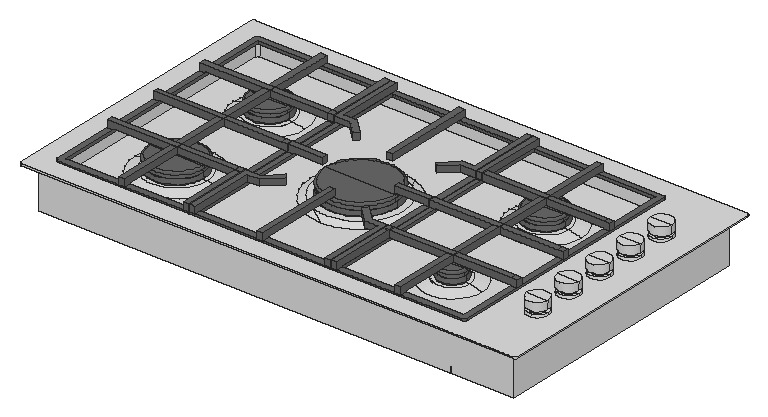
Revit family "Fisher & Paykel The Kitchen Tools CG365DWACX2 Cooktop", category Mechanical Equipment, host Face, Revit 2013
Parameters (values of type "Fisher & Paykel The Kitchen Tools CG365DWACX2 Cooktop")
  Width [instance] = 900.000 mm
  URL = "http://www.fisherpaykel.com/"
  Model = "CG365DWACX2"
  Manufacturer = "Fisher&Paykel"
  Knob [instance] = Polished_Chrome
  Height [instance] = 76.000 mm
  Description = "Fisher & Paykel The Kitchen Tools CG365DWACX2 Cooktop"
  Depth [instance] = 530.000 mm
  Default Elevation = 1219.200 mm
  Cooktop [instance] = Polished_Chrome
  Burner [instance] = Matte Black
Reference planes
  plane 1 "Center (Front/Back)": y = 0
  plane 2: z = 0
  plane 3 "Center (Left/Right)": x = 0
Forms (mm)
  Extrusion 1, void
    sketch origin (0, 0, 0) x (1, 0, 0) y (0, 1, 0)
      loop
        line (-371.302, -279.661) -> (362.291, -279.661)
        arc (362.291, -279.661) -> (365.826, -278.197) -> (367.291, -274.661) r 5
        line (367.291, -274.661) -> (367.291, 171.839)
        arc (367.291, 171.839) -> (366.031, 175.157) -> (362.886, 176.803) r 5
        line (362.886, 176.803) -> (-371.897, 176.803)
        arc (-371.897, 176.803) -> (-375.042, 175.157) -> (-376.302, 171.839) r 5
        line (-376.302, 171.839) -> (-376.302, -274.661)
        arc (-376.302, -274.661) -> (-374.837, -278.197) -> (-371.302, -279.661) r 5
    from -495.424 to 449.253
Dimensions and locks
  aligned and locked: plane 2 to host face
  aligned and locked: level to host face
  aligned and locked: nested 1 to level
  aligned and locked: nested 1 to plane 2
Nested families
  nested 1: "2" at (38.791, -51.411, 0), Knobs <- "Knob", Cooktop <- "Cooktop", Burners <- "Burner", type "2"
    with Width 900.000 mm, Knobs Polished_Chrome, Height 59.000 mm, Depth 530.000 mm, Cooktop Polished_Chrome, Burners Matte Black
Definition of nested family "2"
  Parameters (values of type "2")
    Width [instance] = 900.000 mm
    Knobs [instance] = Polished_Chrome
    Height [instance] = 59.000 mm
    Depth [instance] = 530.000 mm
    Cooktop [instance] = Polished_Chrome
    Burners [instance] = Matte Black
  Reference planes
    plane 1 "Center (Front/Back)": y = 0
    plane 2: z = 0
    plane 3 "Center (Left/Right)": x = 0
    plane 4: y = 265
    plane 5: y = -265
    plane 6: z = 59
    plane 7: x = -450
    plane 8: x = 450
    plane 9: x = -343
    plane 10: x = -242
    plane 11: x = -342.94
    plane 12: x = -242.06
    plane 13: x = -330.09
    plane 14: x = -254.91
    plane 15: x = -330.1
    plane 16: x = -254.9
    plane 17: x = -108.575
    plane 18: x = 23.575
    plane 19: x = -109.565
    plane 20: x = 24.565
    plane 21: x = 169.9
    plane 22: x = 245.1
    plane 23: x = 182
    plane 24: x = 233
    plane 25: x = 181.675
    plane 26: x = 233.325
    plane 27: x = 245.09
    plane 28: x = 169.91
  Forms (mm)
    Extrusion 1, solid, material "Polished_Chrome" <- "Cooktop"
      sketch origin (-448.536, -263.536, 0.8) x (1, 0, 0) y (0, 1, 0)
        loop
          line (893.536, 528.536) -> (3.536, 528.536)
          arc (3.536, 528.536) -> (0, 527.071) -> (-1.464, 523.536) r 5
          line (-1.464, 523.536) -> (-1.464, 3.536)
          arc (-1.464, 3.536) -> (0, 0) -> (3.536, -1.464) r 5
          line (3.536, -1.464) -> (893.536, -1.464)
          arc (893.536, -1.464) -> (897.071, 0) -> (898.536, 3.536) r 5
          line (898.536, 3.536) -> (898.536, 523.536)
          arc (898.536, 523.536) -> (897.071, 527.071) -> (893.536, 528.536) r 5
      from 0 to 2.5
    Extrusion 2, solid
      sketch origin (-448.536, -263.536, 0) x (1, 0, 0) y (0, 1, 0)
        loop
          line (884.536, 520.166) -> (12.536, 520.166)
          arc (12.536, 520.166) -> (9, 518.701) -> (7.536, 515.166) r 5
          line (7.536, 515.166) -> (7.536, 12.166)
          arc (7.536, 12.166) -> (9, 8.63) -> (12.536, 7.166) r 5
          line (12.536, 7.166) -> (884.536, 7.166)
          arc (884.536, 7.166) -> (888.071, 8.63) -> (889.536, 12.166) r 5
          line (889.536, 12.166) -> (889.536, 515.166)
          arc (889.536, 515.166) -> (888.071, 518.701) -> (884.536, 520.166) r 5
      from 0 to 0.8
    Extrusion 3, solid, material "Polished_Chrome" <- "Cooktop"
      sketch origin (952.762, 1252.472, 0.8) x (1, 0, 0) y (0, 0, 1)
        loop
          line (-1382.762, -77.5) -> (-522.762, -77.5) -> (-522.762, -0.8) -> (-1382.762, -0.8) -> (-1382.762, -77.5)
      from 1009.842 to 1497.842
    Revolve 4, solid, material "Polished_Chrome" <- "Knobs"
      sketch origin (-449.997, -139.998, 0.8) x (1, 0, 0) y (0, 0, 1)
        loop
          line (840, 26.15) -> (820.953, 26.15) -> (820.953, 12.07) -> (827.737, 12.07) -> (827.737, 6.07) -> (821.494, 6.07) -> (820.953, 2.5) -> (840, 2.5) -> (840, 26.15)
        axis (840, 2.5) -> (840, 26.15)
      angle from 0 to 360
    Revolve 5, solid, material "Polished_Chrome" <- "Knobs"
      sketch origin (-449.997, -69.998, 0.8) x (1, 0, 0) y (0, 0, 1)
        loop
          line (840, 26.15) -> (820.953, 26.15) -> (820.953, 12.07) -> (827.737, 12.07) -> (827.737, 6.07) -> (821.494, 6.07) -> (820.953, 2.5) -> (840, 2.5) -> (840, 26.15)
        axis (840, 2.5) -> (840, 26.15)
      angle from 0 to 360
    Revolve 6, solid, material "Polished_Chrome" <- "Knobs"
      sketch origin (-449.997, 0.002, 0.8) x (1, 0, 0) y (0, 0, 1)
        loop
          line (840, 26.15) -> (820.953, 26.15) -> (820.953, 12.07) -> (827.737, 12.07) -> (827.737, 6.07) -> (821.494, 6.07) -> (820.953, 2.5) -> (840, 2.5) -> (840, 26.15)
        axis (840, 2.5) -> (840, 26.15)
      angle from 0 to 360
    Revolve 7, solid, material "Polished_Chrome" <- "Knobs"
      sketch origin (-449.997, 70.002, 0.8) x (1, 0, 0) y (0, 0, 1)
        loop
          line (840, 26.15) -> (820.953, 26.15) -> (820.953, 12.07) -> (827.737, 12.07) -> (827.737, 6.07) -> (821.494, 6.07) -> (820.953, 2.5) -> (840, 2.5) -> (840, 26.15)
        axis (840, 2.5) -> (840, 26.15)
      angle from 0 to 360
    Revolve 8, solid, material "Polished_Chrome" <- "Knobs"
      sketch origin (-449.997, 140.002, 0.8) x (1, 0, 0) y (0, 0, 1)
        loop
          line (840, 26.15) -> (820.953, 26.15) -> (820.953, 12.07) -> (827.737, 12.07) -> (827.737, 6.004) -> (821.484, 6.004) -> (820.953, 2.5) -> (840, 2.5) -> (840, 26.15)
        axis (840, 2.5) -> (840, 26.15)
      angle from 0 to 360
    Extrusion 9, solid, material "Matte Black" <- "Burners"
      sketch origin (-250.75, -264.75, 0.8) x (0, 1, 0) y (0, 0, 1)
        loop
          line (47.5, 5) -> (47.5, 6) -> (482, 6) -> (482, 5) -> (493, 5) -> (493, 17.6) -> (36.5, 17.6) -> (36.5, 5) -> (47.5, 5)
      from -46.75 to -36.75
    Extrusion 10, solid, material "Matte Black" <- "Burners"
      sketch origin (-450, -265, 0.8) x (1, 0, 0) y (0, 1, 0)
        loop
          line (268.5, 375) -> (268.5, 482.25) -> (47.5, 482.25) -> (47.5, 47.75) -> (268.5, 47.75) -> (268.5, 375)
        loop
          line (278.5, 493.25) -> (41.5, 493.25)
          arc (41.5, 493.25) -> (37.964, 491.786) -> (36.5, 488.25) r 5
          line (36.5, 488.25) -> (36.5, 41.75)
          arc (36.5, 41.75) -> (37.964, 38.214) -> (41.5, 36.75) r 5
          line (41.5, 36.75) -> (278.5, 36.75) -> (278.5, 493.25)
      from 0 to 5
    Extrusion 11, solid, material "Matte Black" <- "Burners"
      sketch origin (365, -265, 0.8) x (-1, 0, 0) y (0, -1, 0)
        loop
          line (268.5, -375) -> (268.5, -47.75) -> (47.5, -47.75) -> (47.5, -482.25) -> (268.5, -482.25) -> (268.5, -375)
        loop
          line (278.5, -493.25) -> (278.5, -36.75) -> (41.5, -36.75)
          arc (41.5, -36.75) -> (37.964, -38.214) -> (36.5, -41.75) r 5
          line (36.5, -41.75) -> (36.5, -488.25)
          arc (36.5, -488.25) -> (37.964, -491.786) -> (41.5, -493.25) r 5
          line (41.5, -493.25) -> (278.5, -493.25)
      from 0 to 5
    Extrusion 12, solid, material "Matte Black" <- "Burners"
      sketch origin (249.25, -264.75, 0.8) x (0, 1, 0) y (0, 0, 1)
        loop
          line (47.5, 5) -> (47.5, 6) -> (482, 6) -> (482, 5) -> (493, 5) -> (493, 17.6) -> (36.5, 17.6) -> (36.5, 5) -> (47.5, 5)
      from -46.75 to -36.75
    Extrusion 13, solid, material "Matte Black" <- "Burners"
      sketch origin (-450, -265, 0.8) x (1, 0, 0) y (0, 1, 0)
        loop
          line (535.5, 493.25) -> (279.5, 493.25) -> (279.5, 36.75) -> (535.5, 36.75) -> (535.5, 493.25)
        loop
          line (289.5, 482.25) -> (289.5, 47.75) -> (525.5, 47.75) -> (525.5, 482.25) -> (289.5, 482.25)
      from 0 to 5
    Extrusion 14, solid, material "Matte Black" <- "Burners"
      sketch origin (-450, -42.75, 0.8) x (1, 0, 0) y (0, 0, 1)
        loop
          line (47.5, 5) -> (47.5, 6) -> (152.5, 6) -> (268.5, 6) -> (268.5, 5) -> (278.5, 5) -> (278.5, 17.6) -> (268.5, 17.6) -> (36.5, 17.6) -> (36.5, 5) -> (47.5, 5)
      from -47.75 to -37.75
    Extrusion 15, solid, material "Matte Black" <- "Burners"
      sketch origin (-450, -147.75, 0.8) x (1, 0, 0) y (0, 0, 1)
        loop
          line (47.5, 5) -> (47.5, 6) -> (152.5, 6) -> (268.5, 6) -> (268.5, 5) -> (278.5, 5) -> (278.5, 17.6) -> (268.5, 17.6) -> (36.5, 17.6) -> (36.5, 5) -> (47.5, 5)
      from -47.75 to -37.75
    Extrusion 16, solid, material "Matte Black" <- "Burners"
      sketch origin (50, -42.75, 0.8) x (1, 0, 0) y (0, 0, 1)
        loop
          line (47.5, 5) -> (47.5, 6) -> (152.5, 6) -> (267.5, 6) -> (267.5, 5) -> (278.5, 5) -> (278.5, 17.6) -> (268.5, 17.6) -> (36.5, 17.6) -> (36.5, 5) -> (47.5, 5)
      from -47.75 to -37.75
    Extrusion 17, solid, material "Matte Black" <- "Burners"
      sketch origin (50, -147.75, 0.8) x (1, 0, 0) y (0, 0, 1)
        loop
          line (47.5, 5) -> (47.5, 6) -> (152.5, 6) -> (267.5, 6) -> (267.5, 5) -> (278.5, 5) -> (278.5, 17.6) -> (268.5, 17.6) -> (36.5, 17.6) -> (36.5, 5) -> (47.5, 5)
      from -47.75 to -37.75
    Extrusion 18, solid, material "Matte Black" <- "Burners"
      sketch origin (-0.75, -264.75, 0.8) x (0, 1, 0) y (0, 0, 1)
        loop
          line (47.5, 5) -> (47.5, 6) -> (199.75, 6) -> (199.75, 17.6) -> (36.5, 17.6) -> (36.5, 5) -> (47.5, 5)
      from -46.75 to -36.75
    Extrusion 19, solid, material "Matte Black" <- "Burners"
      sketch origin (-84.25, 264.75, 0.8) x (0, -1, 0) y (0, 0, 1)
        loop
          line (47.5, 5) -> (47.5, 6) -> (199.75, 6) -> (199.75, 17.6) -> (36.5, 17.6) -> (36.5, 5) -> (47.5, 5)
      from -46.75 to -36.75
    Extrusion 20, solid, material "Matte Black" <- "Burners"
      sketch origin (-450, -265, 0.8) x (1, 0, 0) y (0, 1, 0)
        loop
          line (289.5, 375) -> (289.5, 493.25) -> (279.5, 493.25) -> (279.5, 365) -> (307.59, 365) -> (331.531, 341.059) -> (338.602, 348.13) -> (311.732, 375) -> (289.5, 375)
      from 6 to 17.6
    Extrusion 21, solid, material "Matte Black" <- "Burners"
      sketch origin (-450, 265, 0.8) x (1, 0, 0) y (0, 1, 0)
        loop
          line (289.5, -375) -> (311.732, -375) -> (338.602, -348.13) -> (331.531, -341.059) -> (307.59, -365) -> (279.5, -365) -> (279.5, -493.25) -> (289.5, -493.25) -> (289.5, -375)
        loop
          line (342.5, -260) -> (279.5, -260) -> (279.5, -270) -> (342.5, -270) -> (342.5, -260)
        loop
          line (535.5, -260) -> (472.5, -260) -> (472.5, -270) -> (535.5, -270) -> (535.5, -260)
      from 5 to 17.6
    Extrusion 22, solid, material "Matte Black" <- "Burners"
      sketch origin (365, 265, 0.8) x (-1, 0, 0) y (0, -1, 0)
        loop
          line (289.5, 375) -> (289.5, 493.25) -> (279.5, 493.25) -> (279.5, 365) -> (307.59, 365) -> (331.531, 341.059) -> (338.602, 348.13) -> (311.732, 375) -> (289.5, 375)
      from 5 to 17.6
    Extrusion 23, solid, material "Matte Black" <- "Burners"
      sketch origin (365, -265, 0.8) x (-1, 0, 0) y (0, -1, 0)
        loop
          line (289.5, -375) -> (311.732, -375) -> (338.602, -348.13) -> (331.531, -341.059) -> (307.59, -365) -> (279.5, -365) -> (279.5, -493.25) -> (289.5, -493.25) -> (289.5, -375)
      from 5 to 17.6
    Extrusion 24, solid, material "Matte Black" <- "Burners"
      sketch origin (-134.75, -264.75, 0.8) x (0, 1, 0) y (0, 0, 1)
        loop
          line (47.5, 5) -> (47.5, 6) -> (164.75, 6) -> (164.75, 17.6) -> (36.5, 17.6) -> (36.5, 5) -> (47.5, 5)
        loop
          line (364.75, 17.6) -> (364.75, 6) -> (482, 6) -> (482, 5) -> (493, 5) -> (493, 17.6) -> (364.75, 17.6)
      from -46.75 to -36.75
    Extrusion 25, solid, material "Matte Black" <- "Burners"
      sketch origin (133.25, -264.75, 0.8) x (0, 1, 0) y (0, 0, 1)
        loop
          line (47.5, 5) -> (47.5, 6) -> (164.75, 6) -> (164.75, 17.6) -> (36.5, 17.6) -> (36.5, 5) -> (47.5, 5)
        loop
          line (364.75, 17.6) -> (364.75, 6) -> (482, 6) -> (482, 5) -> (493, 5) -> (493, 17.6) -> (364.75, 17.6)
      from -46.75 to -36.75
    Extrusion 26, void
      sketch origin (0, 0, 0) x (1, 0, 0) y (0, 1, 0)
        loop
          arc (-408.5, 228.25) -> (-412.036, 226.786) -> (-413.5, 223.25) r 5
          line (-413.5, 223.25) -> (-413.5, -223.25)
          arc (-413.5, -223.25) -> (-412.036, -226.786) -> (-408.5, -228.25) r 5
          line (-408.5, -228.25) -> (323.389, -228.25)
          arc (323.389, -228.25) -> (326.925, -226.786) -> (328.389, -223.25) r 5
          line (328.389, -223.25) -> (328.389, 223.25)
          arc (328.389, 223.25) -> (326.925, 226.786) -> (323.389, 228.25) r 5
          line (323.389, 228.25) -> (-408.5, 228.25)
      from -26.226 to 250
    Extrusion 27, void
      sketch origin (-450, -265, -15.345) x (1, 0, 0) y (0, 1, 0)
        loop
          line (279.5, 482.25) -> (279.5, 365) -> (307.59, 365) -> (331.531, 341.059) -> (338.602, 348.13) -> (311.732, 375) -> (289.5, 375) -> (289.5, 482.25) -> (279.5, 482.25)
      from 21.145 to 22.748
    Extrusion 28, void
      sketch origin (-450, -602.067, -15.345) x (1, 0, 0) y (0, 1, 0)
        loop
          line (279.5, 502.067) -> (279.5, 384.817) -> (289.5, 384.817) -> (289.5, 492.067) -> (311.732, 492.067) -> (338.602, 518.937) -> (331.531, 526.008) -> (307.59, 502.067) -> (289.5, 502.067) -> (279.5, 502.067)
      from 21.145 to 22.145
    Extrusion 29, void
      sketch origin (365, 265, -15.345) x (-1, 0, 0) y (0, -1, 0)
        loop
          line (279.5, 482.25) -> (279.5, 365) -> (307.59, 365) -> (331.531, 341.059) -> (338.602, 348.13) -> (311.732, 375) -> (289.5, 375) -> (289.5, 482.25) -> (279.5, 482.25)
      from 4.502 to 22.145
    Extrusion 30, void
      sketch origin (365, -265, -15.345) x (-1, 0, 0) y (0, -1, 0)
        loop
          line (279.5, -482.25) -> (289.5, -482.25) -> (289.5, -375) -> (311.732, -375) -> (338.602, -348.13) -> (331.531, -341.059) -> (307.59, -365) -> (279.5, -365) -> (279.5, -482.25)
      from 21.145 to 22.145
    Revolve 31, solid, material "Matte Black" <- "Burners"
      sketch origin (-450, -105, -31.677) x (1, 0, 0) y (0, 0, 1)
        loop
          line (118.42, 10.387) -> (157.5, 10.387) -> (157.5, 32.677) -> (110.383, 32.677)
          arc (110.383, 32.677) -> (107.991, 31.686) -> (107, 29.294) r 3.383
          line (107, 29.294) -> (108.931, 28.777) -> (112.282, 28.777) -> (110.367, 20.937) -> (108.983, 20.937) -> (107.06, 12.929) -> (108.052, 11.937) -> (115.096, 11.937) -> (118.42, 10.387)
        axis (157.5, 10.387) -> (157.5, 32.677)
      angle from 0 to 360
    Revolve 32, solid, material "Polished_Chrome" <- "Knobs"
      sketch origin (0, -104.955, -10.945) x (1, 0, 0) y (0, 0, 1)
        loop
          line (-347.538, -10.345) -> (-368.193, -15.281) -> (-291.808, -15.281) -> (-291.808, -10.345) -> (-347.538, -10.345)
        axis (-291.808, -15.281) -> (-291.808, -10.345)
      angle from 0 to 360
    Revolve 33, solid, material "Matte Black" <- "Burners"
      sketch origin (-450, 105, -31.613) x (1, 0, 0) y (0, 0, 1)
        loop
          line (131.347, 10.318) -> (157.5, 10.318) -> (157.5, 32.613) -> (123.283, 32.613)
          arc (123.283, 32.613) -> (120.891, 31.622) -> (119.9, 29.23) r 3.383
          line (119.9, 29.23) -> (121.831, 28.713) -> (125.522, 28.713) -> (123.606, 20.873) -> (121.833, 20.873) -> (119.91, 12.865) -> (120.902, 11.873) -> (128.012, 11.873) -> (131.347, 10.318)
        axis (157.5, 10.318) -> (157.5, 32.613)
      angle from 0 to 360
    Revolve 34, solid, material "Polished_Chrome" <- "Knobs"
      sketch origin (0, 105.136, -10.945) x (1, 0, 0) y (0, 0, 1)
        loop
          line (-292.5, -15.281) -> (-227.219, -15.281) -> (-249, -10.345) -> (-292.5, -10.345) -> (-292.5, -15.281)
        axis (-292.5, -15.281) -> (-292.5, -10.345)
      angle from 0 to 360
    Blend 35, solid, material "Polished_Chrome" <- "Knobs"
      base sketch origin (-450, -265, -26.226) x (1, 0, 0) y (0, 1, 0)
        loop
          arc (434.404, 352.455) -> (368.107, 347.586) -> (322.602, 299.127) r 91.5
          arc (322.602, 299.127) -> (331.688, 213.767) -> (407.5, 173.5) r 91.5
          arc (407.5, 173.5) -> (451.542, 184.797) -> (484.709, 215.898) r 91.5
          arc (484.709, 215.898) -> (493.36, 296.629) -> (434.404, 352.455) r 91.5
      top sketch origin (-450, -265, -26.226) x (1, 0, 0) y (0, 1, 0)
        loop
          arc (446.699, 331.856) -> (368.975, 332.246) -> (330, 265) r 77.5
          arc (330, 265) -> (340.922, 225.332) -> (370.608, 196.844) r 77.5
          arc (370.608, 196.844) -> (427.069, 190.011) -> (472.991, 223.562) r 77.5
          arc (472.991, 223.562) -> (482.812, 283.285) -> (446.699, 331.856) r 77.5
      from 0 to 5
    Extrusion 36, void
      sketch origin (-450, -265, -26.226) x (1, 0, 0) y (0, 1, 0)
        loop
          circle (407.5, 265) r 36.358
        loop
          circle (407.5, 265) r 21.79
      from 5 to 13.277
    Revolve 37, solid, material "Matte Black" <- "Burners"
      sketch origin (-200, 0, -25.395) x (1, 0, 0) y (0, 0, 1)
        loop
          line (101.9, 4.169) -> (157.5, 4.169) -> (157.5, 26.459) -> (94.854, 26.459)
          arc (94.854, 26.459) -> (92.462, 25.468) -> (91.471, 23.076) r 3.383
          line (91.471, 23.076) -> (93.402, 22.559) -> (95.762, 22.559) -> (93.846, 14.719) -> (92.397, 14.719) -> (90.474, 6.711) -> (91.466, 5.719) -> (98.576, 5.719) -> (101.9, 4.169)
        axis (157.5, 26.459) -> (157.5, 4.169)
      angle from 0 to 360
    Revolve 38, solid, material "Polished_Chrome" <- "Knobs"
      sketch origin (499.308, -104.955, -10.945) x (1, 0, 0) y (0, 0, 1)
        loop
          line (-323.414, -10.345) -> (-345.445, -15.281) -> (-291.808, -15.281) -> (-291.808, -10.345) -> (-323.414, -10.345)
        axis (-291.808, -15.281) -> (-291.808, -10.345)
      angle from 0 to 360
    Revolve 39, solid, material "Matte Black" <- "Burners"
      sketch origin (50, 105, -31.677) x (1, 0, 0) y (0, 0, 1)
        loop
          line (131.66, 10.387) -> (157.5, 10.387) -> (157.5, 32.677) -> (123.283, 32.677)
          arc (123.283, 32.677) -> (120.891, 31.686) -> (119.9, 29.294) r 3.383
          line (119.9, 29.294) -> (121.831, 28.777) -> (125.198, 28.777) -> (123.282, 20.937) -> (121.833, 20.937) -> (119.91, 12.929) -> (120.902, 11.937) -> (128.336, 11.937) -> (131.66, 10.387)
        axis (157.5, 10.387) -> (157.5, 32.677)
      angle from 0 to 360
    Revolve 40, solid, material "Matte Black" <- "Burners"
      sketch origin (50, -105, -31.677) x (1, 0, 0) y (0, 0, 1)
        loop
          line (140.901, 10.387) -> (157.5, 10.387) -> (157.5, 32.677) -> (135.383, 32.677)
          arc (135.383, 32.677) -> (132.991, 31.686) -> (132, 29.294) r 3.383
          line (132, 29.294) -> (133.931, 28.777) -> (136.442, 28.777) -> (134.526, 20.937) -> (133.598, 20.937) -> (131.675, 12.929) -> (132.667, 11.937) -> (137.577, 11.937) -> (140.901, 10.387)
        axis (157.5, 10.387) -> (157.5, 32.677)
      angle from 0 to 360
    Revolve 41, solid, material "Polished_Chrome" <- "Knobs"
      sketch origin (499.308, 105.118, -10.945) x (1, 0, 0) y (0, 0, 1)
        loop
          line (-335.019, -10.345) -> (-357.105, -15.281) -> (-291.808, -15.281) -> (-291.808, -10.345) -> (-335.019, -10.345)
        axis (-291.808, -15.281) -> (-291.808, -10.345)
      angle from 0 to 360
    Extrusion 42, solid, material "Polished_Chrome" <- "Cooktop"
      sketch origin (-952.762, 1252.472, 0.8) x (-1, 0, 0) y (0, 0, -1)
        loop
          line (-1382.762, 77.5) -> (-1382.762, 0.8) -> (-522.762, 0.8) -> (-522.762, 77.5) -> (-1382.762, 77.5)
      from 1009.842 to 1497.842
    Extrusion 43, solid, material "Matte Black" <- "Burners"
      sketch origin (-450, 147.75, 0.8) x (1, 0, 0) y (0, 0, -1)
        loop
          line (47.5, -5) -> (36.5, -5) -> (36.5, -17.6) -> (268.5, -17.6) -> (278.5, -17.6) -> (278.5, -5) -> (268.5, -5) -> (268.5, -6) -> (152.5, -6) -> (47.5, -6) -> (47.5, -5)
      from -47.75 to -37.75
    Extrusion 44, solid, material "Matte Black" <- "Burners"
      sketch origin (50, 147.75, 0.8) x (1, 0, 0) y (0, 0, -1)
        loop
          line (47.5, -5) -> (36.5, -5) -> (36.5, -17.6) -> (268.5, -17.6) -> (278.5, -17.6) -> (278.5, -5) -> (267.5, -5) -> (267.5, -6) -> (152.5, -6) -> (47.5, -6) -> (47.5, -5)
      from -47.75 to -37.75
    Extrusion 45, void
      sketch origin (-428.5, -437.942, -15.345) x (1, 0, 0) y (0, 1, 0)
        loop
          line (268, 442.942) -> (268, 432.942) -> (322.703, 432.942) -> (322.703, 442.942) -> (268, 442.942)
      from 13.936 to 22.145
    Extrusion 46, void
      sketch origin (-215.605, -437.942, -15.345) x (1, 0, 0) y (0, 1, 0)
        loop
          line (238.105, 442.942) -> (238.105, 432.942) -> (291.105, 432.942) -> (291.105, 442.942) -> (238.105, 442.942)
      from 13.936 to 22.145
    Extrusion 47, void
      sketch origin (0, 0, 0) x (1, 0, 0) y (0, 1, 0)
        loop
          line (370, -244.989) -> (370, -140.37) -> (316, -140.37) -> (316, -244.989) -> (370, -244.989)
        loop
          line (324.25, -156.37) -> (324.25, -216.87) -> (339, -216.87) -> (339, -236.87) -> (347, -236.87) -> (347, -216.87) -> (361.75, -216.87) -> (361.75, -156.37) -> (324.25, -156.37)
      from -92.477 to -64.781
    Extrusion 48, void
      sketch origin (0, 0, 0) x (1, 0, 0) y (0, 1, 0)
        loop
          circle (405.5, -221.87) r 9.5
      from -130.274 to -54.923
  Cuts and joins
    Extrusion 26, Extrusion 47, Extrusion 48 cuts Extrusion 3
    Extrusion 27, Extrusion 45, Extrusion 46 cuts Extrusion 13
    Extrusion 27 cuts Extrusion 20
    Extrusion 29 cuts Extrusion 22
    Extrusion 28, Extrusion 45, Extrusion 46 cuts Extrusion 21
    Extrusion 30 cuts Extrusion 23
    Extrusion 26, Extrusion 48 cuts Extrusion 1
    Extrusion 26, Extrusion 48 cuts Extrusion 2
    Extrusion 36 cuts Blend 35
    Extrusion 36 cuts Revolve 37
    Extrusion 26, Extrusion 47, Extrusion 48 cuts Extrusion 42
  Lines and regions (mm)
    model lines
      curve 1: line (-450, -260, 0.8) -> (-450, -265, 0.8)
      curve 2: line (-445, -265, 0.8) -> (-450, -265, 0.8)
  Dimensions and locks
    "Height": plane 6 to level
    plane 7 to plane 3 "Center (Left/Right)" = 450.000 mm
    plane 3 "Center (Left/Right)" to plane 8 = 450.000 mm
    plane 5 to plane 4 = 530.000 mm
    plane 9 to plane 10 = 101.000 mm
    plane 12 to plane 11 = 100.880 mm
    plane 13 to plane 14 = 75.180 mm
    plane 16 to plane 15 = 75.200 mm
    plane 18 to plane 17 = 132.150 mm
    plane 20 to plane 19 = 134.130 mm
    plane 21 to plane 22 = 75.200 mm
    plane 23 to plane 24 = 51.000 mm
    plane 25 to plane 26 = 51.650 mm
    plane 28 to plane 27 = 75.180 mm
    aligned and locked: plane 2 to level
  Automatic sketch dimensions
    Extrusion 1 sketch curve to plane 7 = 0.000 mm
    plane 5 to Extrusion 1 sketch curve = 0.000 mm
    plane 4 to Extrusion 1 sketch curve = 0.000 mm
    Extrusion 1 sketch curve to plane 8 = 0.000 mm
    Extrusion 1 sketch curve to plane 5 = 5.000 mm
    plane 7 to Extrusion 1 sketch curve = 5.000 mm
    Extrusion 1 sketch curve to plane 8 = 5.000 mm  (x2)
    plane 7 to Extrusion 2 sketch curve = 9.000 mm
    Extrusion 2 sketch curve to plane 5 = 8.630 mm
    Extrusion 2 sketch curve to Extrusion 2 sketch curve = 5.000 mm  (x3)
    Extrusion 2 sketch curve to plane 8 = 14.000 mm  (x2)
    plane 4 to Extrusion 2 sketch curve = 8.370 mm
    Extrusion 3 sketch curve to level = 0.000 mm
    plane 7 to Extrusion 3 sketch curve = 20.000 mm
    Extrusion 3 sketch curve to plane 8 = 20.000 mm
    Extrusion 3 sketch curve to level = 76.700 mm
    level to Revolve 4 sketch curve = 26.950 mm
    Revolve 4 sketch curve to plane 8 = 79.044 mm
    level to Revolve 4 sketch curve = 3.300 mm
    Revolve 4 sketch curve to Revolve 4 sketch curve = 0.000 mm  (x3)
    Revolve 4 sketch curve to Revolve 4 sketch curve = 0.541 mm
    Revolve 4 sketch curve to Revolve 4 sketch curve = 6.784 mm
    Revolve 4 sketch curve to Revolve 4 sketch curve = 12.263 mm
    Revolve 4 sketch curve to Revolve 4 sketch curve = 3.570 mm
    Revolve 4 sketch curve to Revolve 4 sketch curve = 6.000 mm
    Revolve 4 sketch curve to Revolve 4 sketch curve = 7.087 mm
    level to Revolve 5 sketch curve = 26.950 mm
    Revolve 5 sketch curve to plane 8 = 79.044 mm
    level to Revolve 5 sketch curve = 3.300 mm
    Revolve 5 sketch curve to Revolve 5 sketch curve = 0.000 mm  (x3)
    Revolve 5 sketch curve to Revolve 5 sketch curve = 0.541 mm
    Revolve 5 sketch curve to Revolve 5 sketch curve = 6.784 mm
    Revolve 5 sketch curve to Revolve 5 sketch curve = 12.263 mm
    Revolve 5 sketch curve to Revolve 5 sketch curve = 3.570 mm
    Revolve 5 sketch curve to Revolve 5 sketch curve = 6.000 mm
    Revolve 5 sketch curve to Revolve 5 sketch curve = 7.087 mm
    level to Revolve 6 sketch curve = 26.950 mm
    Revolve 6 sketch curve to plane 8 = 79.044 mm
    level to Revolve 6 sketch curve = 3.300 mm
    Revolve 6 sketch curve to Revolve 6 sketch curve = 0.000 mm  (x3)
    Revolve 6 sketch curve to Revolve 6 sketch curve = 0.541 mm
    Revolve 6 sketch curve to Revolve 6 sketch curve = 6.784 mm
    Revolve 6 sketch curve to Revolve 6 sketch curve = 12.263 mm
    Revolve 6 sketch curve to Revolve 6 sketch curve = 3.570 mm
    Revolve 6 sketch curve to Revolve 6 sketch curve = 6.000 mm
    Revolve 6 sketch curve to Revolve 6 sketch curve = 7.087 mm
    level to Revolve 7 sketch curve = 26.950 mm
    Revolve 7 sketch curve to plane 8 = 79.044 mm
    level to Revolve 7 sketch curve = 3.300 mm
    Revolve 7 sketch curve to Revolve 7 sketch curve = 0.000 mm  (x3)
    Revolve 7 sketch curve to Revolve 7 sketch curve = 0.541 mm
    Revolve 7 sketch curve to Revolve 7 sketch curve = 6.784 mm
    Revolve 7 sketch curve to Revolve 7 sketch curve = 12.263 mm
    Revolve 7 sketch curve to Revolve 7 sketch curve = 3.570 mm
    Revolve 7 sketch curve to Revolve 7 sketch curve = 6.000 mm
    Revolve 7 sketch curve to Revolve 7 sketch curve = 7.087 mm
    level to Revolve 8 sketch curve = 26.950 mm
    Revolve 8 sketch curve to plane 8 = 79.044 mm
    level to Revolve 8 sketch curve = 3.300 mm
    Revolve 8 sketch curve to Revolve 8 sketch curve = 0.000 mm  (x3)
    Revolve 8 sketch curve to Revolve 8 sketch curve = 0.531 mm
    Revolve 8 sketch curve to Revolve 8 sketch curve = 6.784 mm
    Revolve 8 sketch curve to Revolve 8 sketch curve = 12.263 mm
    Revolve 8 sketch curve to Revolve 8 sketch curve = 3.504 mm
    Revolve 8 sketch curve to Revolve 8 sketch curve = 6.066 mm
    Revolve 8 sketch curve to Revolve 8 sketch curve = 7.087 mm
    level to Extrusion 9 sketch curve = 5.800 mm  (x2)
    Extrusion 9 sketch curve to plane 5 = 36.750 mm
    Extrusion 9 sketch curve to Extrusion 9 sketch curve = 11.000 mm  (x2)
    level to Extrusion 9 sketch curve = 6.800 mm
    plane 4 to Extrusion 9 sketch curve = 47.750 mm
    Extrusion 9 sketch curve to Extrusion 9 sketch curve = 12.600 mm
    plane 7 to Extrusion 10 sketch curve = 36.500 mm
    Extrusion 10 sketch curve to plane 5 = 36.750 mm
    Extrusion 10 sketch curve to Extrusion 10 sketch curve = 5.000 mm  (x2)
    Extrusion 10 sketch curve to Extrusion 10 sketch curve = 6.000 mm  (x2)
    Extrusion 10 sketch curve to plane 3 "Center (Left/Right)" = 181.500 mm
    Extrusion 10 sketch curve to Extrusion 10 sketch curve = 10.000 mm
    Extrusion 10 sketch curve to Extrusion 10 sketch curve = 11.000 mm
    Extrusion 10 sketch curve to plane 1 "Center (Front/Back)" = 110.000 mm
    plane 4 to Extrusion 10 sketch curve = 47.750 mm
    plane 5 to Extrusion 11 sketch curve = 41.750 mm
    plane 8 to Extrusion 11 sketch curve = 121.500 mm
    plane 5 to Extrusion 11 sketch curve = 36.750 mm
    Extrusion 11 sketch curve to Extrusion 11 sketch curve = 5.000 mm
    Extrusion 11 sketch curve to Extrusion 11 sketch curve = 6.000 mm  (x2)
    Extrusion 11 sketch curve to plane 3 "Center (Left/Right)" = 96.500 mm
    Extrusion 11 sketch curve to Extrusion 11 sketch curve = 10.000 mm
    Extrusion 11 sketch curve to Extrusion 11 sketch curve = 11.000 mm
    plane 1 "Center (Front/Back)" to Extrusion 11 sketch curve = 110.000 mm
    Extrusion 11 sketch curve to plane 4 = 47.750 mm
    level to Extrusion 12 sketch curve = 5.800 mm  (x2)
    Extrusion 12 sketch curve to plane 5 = 36.750 mm
    Extrusion 12 sketch curve to Extrusion 12 sketch curve = 11.000 mm  (x2)
    level to Extrusion 12 sketch curve = 6.800 mm
    plane 4 to Extrusion 12 sketch curve = 47.750 mm
    Extrusion 12 sketch curve to Extrusion 12 sketch curve = 12.600 mm
    plane 4 to Extrusion 13 sketch curve = 36.750 mm
    Extrusion 13 sketch curve to plane 3 "Center (Left/Right)" = 170.500 mm
    Extrusion 13 sketch curve to plane 5 = 36.750 mm
    Extrusion 13 sketch curve to Extrusion 13 sketch curve = 10.000 mm  (x2)
    plane 3 "Center (Left/Right)" to Extrusion 13 sketch curve = 75.500 mm
    Extrusion 13 sketch curve to Extrusion 13 sketch curve = 11.000 mm  (x2)
    level to Extrusion 14 sketch curve = 5.800 mm  (x2)
    plane 7 to Extrusion 14 sketch curve = 36.500 mm
    Extrusion 14 sketch curve to Extrusion 14 sketch curve = 11.000 mm
    level to Extrusion 14 sketch curve = 18.400 mm
    Extrusion 14 sketch curve to plane 3 "Center (Left/Right)" = 181.500 mm
    Extrusion 14 sketch curve to Extrusion 14 sketch curve = 0.000 mm  (x4)
    Extrusion 14 sketch curve to Extrusion 14 sketch curve = 10.000 mm
    level to Extrusion 14 sketch curve = 6.800 mm
    Extrusion 14 sketch curve to Extrusion 14 sketch curve = 105.000 mm
    Extrusion 14 sketch curve to Extrusion 14 sketch curve = 1.000 mm
    level to Extrusion 15 sketch curve = 5.800 mm  (x2)
    plane 7 to Extrusion 15 sketch curve = 36.500 mm
    Extrusion 15 sketch curve to Extrusion 15 sketch curve = 11.000 mm
    level to Extrusion 15 sketch curve = 18.400 mm
    Extrusion 15 sketch curve to plane 3 "Center (Left/Right)" = 181.500 mm
    Extrusion 15 sketch curve to Extrusion 15 sketch curve = 0.000 mm  (x4)
    Extrusion 15 sketch curve to Extrusion 15 sketch curve = 10.000 mm
    level to Extrusion 15 sketch curve = 6.800 mm
    Extrusion 15 sketch curve to Extrusion 15 sketch curve = 105.000 mm
    Extrusion 15 sketch curve to Extrusion 15 sketch curve = 1.000 mm
    level to Extrusion 16 sketch curve = 5.800 mm  (x2)
    plane 3 "Center (Left/Right)" to Extrusion 16 sketch curve = 86.500 mm
    Extrusion 16 sketch curve to Extrusion 16 sketch curve = 11.000 mm
    level to Extrusion 16 sketch curve = 6.800 mm
    Extrusion 16 sketch curve to plane 8 = 132.500 mm
    Extrusion 16 sketch curve to Extrusion 16 sketch curve = 1.000 mm  (x2)
    Extrusion 16 sketch curve to Extrusion 16 sketch curve = 10.000 mm
    Extrusion 16 sketch curve to Extrusion 16 sketch curve = 105.000 mm
    Extrusion 16 sketch curve to Extrusion 16 sketch curve = 0.000 mm  (x3)
    Extrusion 16 sketch curve to Extrusion 16 sketch curve = 12.600 mm
    level to Extrusion 17 sketch curve = 5.800 mm  (x2)
    plane 3 "Center (Left/Right)" to Extrusion 17 sketch curve = 86.500 mm
    Extrusion 17 sketch curve to Extrusion 17 sketch curve = 11.000 mm
    level to Extrusion 17 sketch curve = 6.800 mm
    Extrusion 17 sketch curve to plane 8 = 132.500 mm
    Extrusion 17 sketch curve to Extrusion 17 sketch curve = 1.000 mm  (x2)
    Extrusion 17 sketch curve to Extrusion 17 sketch curve = 10.000 mm
    Extrusion 17 sketch curve to Extrusion 17 sketch curve = 105.000 mm
    Extrusion 17 sketch curve to Extrusion 17 sketch curve = 0.000 mm  (x3)
    Extrusion 17 sketch curve to Extrusion 17 sketch curve = 12.600 mm
    level to Extrusion 18 sketch curve = 5.800 mm
    Extrusion 18 sketch curve to plane 5 = 36.750 mm
    level to Extrusion 18 sketch curve = 6.800 mm
    Extrusion 18 sketch curve to Extrusion 18 sketch curve = 11.000 mm
    plane 1 "Center (Front/Back)" to Extrusion 18 sketch curve = 65.000 mm
    Extrusion 18 sketch curve to Extrusion 18 sketch curve = 12.600 mm
    level to Extrusion 19 sketch curve = 5.800 mm
    plane 4 to Extrusion 19 sketch curve = 36.750 mm
    level to Extrusion 19 sketch curve = 6.800 mm
    Extrusion 19 sketch curve to Extrusion 19 sketch curve = 11.000 mm
    Extrusion 19 sketch curve to plane 1 "Center (Front/Back)" = 65.000 mm
    Extrusion 19 sketch curve to Extrusion 19 sketch curve = 12.600 mm
    Extrusion 20 sketch curve to plane 3 "Center (Left/Right)" = 170.500 mm
    Extrusion 20 sketch curve to plane 1 "Center (Front/Back)" = 76.059 mm
    Extrusion 20 sketch curve to Extrusion 20 sketch curve = 10.000 mm
    Extrusion 20 sketch curve to Extrusion 20 sketch curve = 18.090 mm
    Extrusion 20 sketch curve to Extrusion 20 sketch curve = 4.142 mm
    Extrusion 20 sketch curve to Extrusion 20 sketch curve = 23.941 mm
    Extrusion 20 sketch curve to plane 1 "Center (Front/Back)" = 83.130 mm
    Extrusion 20 sketch curve to Extrusion 20 sketch curve = 7.071 mm
    plane 4 to Extrusion 20 sketch curve = 36.750 mm
    plane 1 "Center (Front/Back)" to Extrusion 21 sketch curve = 5.000 mm  (x2)
    plane 3 "Center (Left/Right)" to Extrusion 21 sketch curve = 170.500 mm  (x2)
    plane 5 to Extrusion 21 sketch curve = 36.750 mm
    Extrusion 21 sketch curve to Extrusion 21 sketch curve = 10.000 mm
    Extrusion 21 sketch curve to Extrusion 21 sketch curve = 18.090 mm
    Extrusion 21 sketch curve to Extrusion 21 sketch curve = 4.142 mm
    Extrusion 21 sketch curve to Extrusion 21 sketch curve = 23.941 mm
    Extrusion 21 sketch curve to Extrusion 21 sketch curve = 7.071 mm  (x2)
    Extrusion 21 sketch curve to Extrusion 21 sketch curve = 63.000 mm  (x2)
    Extrusion 21 sketch curve to plane 3 "Center (Left/Right)" = 22.500 mm
    Extrusion 21 sketch curve to plane 1 "Center (Front/Back)" = 5.000 mm  (x2)
    Extrusion 21 sketch curve to Extrusion 21 sketch curve = 71.059 mm
    plane 3 "Center (Left/Right)" to Extrusion 22 sketch curve = 85.500 mm
    plane 1 "Center (Front/Back)" to Extrusion 22 sketch curve = 76.059 mm
    Extrusion 22 sketch curve to Extrusion 22 sketch curve = 10.000 mm
    Extrusion 22 sketch curve to Extrusion 22 sketch curve = 18.090 mm
    Extrusion 22 sketch curve to Extrusion 22 sketch curve = 4.142 mm
    plane 3 "Center (Left/Right)" to Extrusion 22 sketch curve = 33.469 mm
    Extrusion 22 sketch curve to Extrusion 22 sketch curve = 7.071 mm  (x2)
    Extrusion 22 sketch curve to plane 5 = 36.750 mm
    Extrusion 23 sketch curve to plane 3 "Center (Left/Right)" = 85.500 mm
    plane 1 "Center (Front/Back)" to Extrusion 23 sketch curve = 76.059 mm
    Extrusion 23 sketch curve to Extrusion 23 sketch curve = 10.000 mm
    Extrusion 23 sketch curve to Extrusion 23 sketch curve = 18.090 mm
    Extrusion 23 sketch curve to Extrusion 23 sketch curve = 4.142 mm
    Extrusion 23 sketch curve to plane 3 "Center (Left/Right)" = 33.469 mm
    Extrusion 23 sketch curve to Extrusion 23 sketch curve = 7.071 mm  (x2)
    Extrusion 23 sketch curve to plane 4 = 36.750 mm
    level to Extrusion 24 sketch curve = 5.800 mm  (x2)
    Extrusion 24 sketch curve to plane 5 = 36.750 mm
    Extrusion 24 sketch curve to Extrusion 24 sketch curve = 11.000 mm  (x2)
    level to Extrusion 24 sketch curve = 18.400 mm
    plane 1 "Center (Front/Back)" to Extrusion 24 sketch curve = 100.000 mm
    level to Extrusion 24 sketch curve = 6.800 mm
    Extrusion 24 sketch curve to plane 1 "Center (Front/Back)" = 100.000 mm
    plane 4 to Extrusion 24 sketch curve = 47.750 mm
    Extrusion 24 sketch curve to Extrusion 24 sketch curve = 1.000 mm
    Extrusion 24 sketch curve to Extrusion 24 sketch curve = 11.600 mm
    level to Extrusion 25 sketch curve = 5.800 mm  (x2)
    Extrusion 25 sketch curve to plane 5 = 36.750 mm
    Extrusion 25 sketch curve to Extrusion 25 sketch curve = 11.000 mm  (x2)
    level to Extrusion 25 sketch curve = 18.400 mm
    plane 1 "Center (Front/Back)" to Extrusion 25 sketch curve = 100.000 mm
    level to Extrusion 25 sketch curve = 6.800 mm
    Extrusion 25 sketch curve to plane 1 "Center (Front/Back)" = 100.000 mm
    plane 4 to Extrusion 25 sketch curve = 47.750 mm
    Extrusion 25 sketch curve to Extrusion 25 sketch curve = 1.000 mm
    Extrusion 25 sketch curve to Extrusion 25 sketch curve = 11.600 mm
    plane 5 to curve 1 = 0.000 mm
    curve 1 to plane 7 = 0.000 mm
    curve 1 to curve 2 = 5.000 mm
    curve 1 to curve 1 = 5.000 mm
    plane 7 to Extrusion 26 sketch curve = 36.500 mm
    Extrusion 26 sketch curve to plane 5 = 36.750 mm
    Extrusion 26 sketch curve to Extrusion 26 sketch curve = 5.000 mm  (x3)
    Extrusion 26 sketch curve to plane 8 = 126.611 mm  (x2)
    plane 4 to Extrusion 26 sketch curve = 36.750 mm
    Revolve 31 sketch curve to level = 18.748 mm
    plane 7 to Revolve 31 sketch curve = 107.060 mm
    Revolve 31 sketch curve to level = 21.291 mm
    Revolve 31 sketch curve to Revolve 31 sketch curve = 0.992 mm  (x2)
    Revolve 31 sketch curve to level = 2.383 mm
    Revolve 31 sketch curve to Revolve 31 sketch curve = 0.060 mm
    Revolve 31 sketch curve to Revolve 31 sketch curve = 1.923 mm
    Revolve 31 sketch curve to Revolve 31 sketch curve = 1.931 mm
    Revolve 31 sketch curve to level = 10.741 mm
    Revolve 31 sketch curve to Revolve 31 sketch curve = 1.384 mm
    level to Revolve 31 sketch curve = 0.999 mm
    Revolve 31 sketch curve to Revolve 31 sketch curve = 1.900 mm
    Revolve 31 sketch curve to Revolve 31 sketch curve = 7.044 mm
    Revolve 31 sketch curve to Revolve 31 sketch curve = 3.324 mm
    Revolve 31 sketch curve to Revolve 31 sketch curve = 39.080 mm
    Revolve 31 sketch curve to Revolve 31 sketch curve = 0.000 mm  (x2)
    Revolve 31 sketch curve to Revolve 31 sketch curve = 0.517 mm
    Revolve 31 sketch curve to Revolve 31 sketch curve = 12.458 mm
    Revolve 32 sketch curve to level = 26.226 mm
    plane 7 to Revolve 32 sketch curve = 81.807 mm
    Revolve 32 sketch curve to level = 21.291 mm
    Revolve 32 sketch curve to Revolve 32 sketch curve = 20.654 mm
    Revolve 32 sketch curve to Revolve 32 sketch curve = 55.731 mm
    level to Revolve 32 sketch curve = 1.813 mm
    Revolve 32 sketch curve to Revolve 32 sketch curve = 0.000 mm  (x2)
    Revolve 33 sketch curve to level = 18.748 mm
    plane 7 to Revolve 33 sketch curve = 119.910 mm
    Revolve 33 sketch curve to level = 21.295 mm
    Revolve 33 sketch curve to level = 19.741 mm
    Revolve 33 sketch curve to Revolve 33 sketch curve = 0.992 mm
    Revolve 33 sketch curve to level = 2.383 mm
    Revolve 33 sketch curve to Revolve 33 sketch curve = 0.010 mm
    Revolve 33 sketch curve to level = 10.741 mm
    Revolve 33 sketch curve to Revolve 33 sketch curve = 1.923 mm
    Revolve 33 sketch curve to level = 2.901 mm
    Revolve 33 sketch curve to Revolve 33 sketch curve = 1.931 mm
    Revolve 33 sketch curve to Revolve 33 sketch curve = 1.774 mm
    level to Revolve 33 sketch curve = 0.999 mm
    Revolve 33 sketch curve to Revolve 33 sketch curve = 2.239 mm
    Revolve 33 sketch curve to Revolve 33 sketch curve = 7.110 mm
    Revolve 33 sketch curve to Revolve 33 sketch curve = 3.335 mm
    Revolve 33 sketch curve to Revolve 33 sketch curve = 26.153 mm
    Revolve 33 sketch curve to Revolve 33 sketch curve = 0.000 mm  (x2)
    Revolve 33 sketch curve to Revolve 33 sketch curve = 12.458 mm
    Revolve 34 sketch curve to level = 21.291 mm
    plane 7 to Revolve 34 sketch curve = 157.500 mm
    Revolve 34 sketch curve to level = 26.226 mm
    Revolve 34 sketch curve to Revolve 34 sketch curve = 43.500 mm
    Revolve 34 sketch curve to Revolve 34 sketch curve = 21.781 mm
    Revolve 34 sketch curve to Revolve 34 sketch curve = 0.000 mm
    Revolve 34 sketch curve to Revolve 34 sketch curve = 0.064 mm
    Revolve 34 sketch curve to Revolve 34 sketch curve = 6.638 mm
    Blend 35 sketch curve to Blend 35 sketch curve = 0.000 mm  (x24)
    plane 1 "Center (Front/Back)" to Blend 35 sketch curve = 0.000 mm  (x2)
    Blend 35 sketch curve to plane 1 "Center (Front/Back)" = 34.127 mm
    Blend 35 sketch curve to plane 3 "Center (Left/Right)" = 127.398 mm
    Blend 35 sketch curve to plane 3 "Center (Left/Right)" = 42.500 mm
    Blend 35 sketch curve to plane 3 "Center (Left/Right)" = 15.596 mm
    plane 3 "Center (Left/Right)" to Blend 35 sketch curve = 34.709 mm
    Blend 35 sketch curve to plane 3 "Center (Left/Right)" = 120.000 mm
    plane 1 "Center (Front/Back)" to Blend 35 sketch curve = 68.156 mm
    Blend 35 sketch curve to Blend 35 sketch curve = 40.608 mm
    Blend 35 sketch curve to plane 3 "Center (Left/Right)" = 3.301 mm
    plane 3 "Center (Left/Right)" to Blend 35 sketch curve = 22.991 mm
    Extrusion 36 sketch curve to Extrusion 36 sketch curve = 0.000 mm  (x2)
    plane 1 "Center (Front/Back)" to Extrusion 36 sketch curve = 0.000 mm
    Extrusion 36 sketch curve to plane 3 "Center (Left/Right)" = 42.500 mm
    Revolve 37 sketch curve to level = 18.684 mm
    Revolve 37 sketch curve to plane 3 "Center (Left/Right)" = 109.526 mm
    Revolve 37 sketch curve to level = 21.226 mm
    Revolve 37 sketch curve to Revolve 37 sketch curve = 0.992 mm
    Revolve 37 sketch curve to level = 2.319 mm
    Revolve 37 sketch curve to Revolve 37 sketch curve = 0.997 mm
    Revolve 37 sketch curve to level = 10.676 mm
    Revolve 37 sketch curve to Revolve 37 sketch curve = 1.923 mm
    Revolve 37 sketch curve to level = 2.836 mm
    Revolve 37 sketch curve to Revolve 37 sketch curve = 1.931 mm
    Revolve 37 sketch curve to Revolve 37 sketch curve = 1.450 mm
    level to Revolve 37 sketch curve = 1.064 mm
    Revolve 37 sketch curve to Revolve 37 sketch curve = 0.908 mm
    Revolve 37 sketch curve to level = 19.676 mm
    Revolve 37 sketch curve to Revolve 37 sketch curve = 7.110 mm
    Revolve 37 sketch curve to Revolve 37 sketch curve = 3.324 mm
    Revolve 37 sketch curve to plane 3 "Center (Left/Right)" = 42.500 mm
    Revolve 37 sketch curve to Revolve 37 sketch curve = 0.000 mm  (x2)
    Revolve 37 sketch curve to Revolve 37 sketch curve = 4.207 mm
    Revolve 38 sketch curve to level = 26.226 mm
    plane 3 "Center (Left/Right)" to Revolve 38 sketch curve = 153.862 mm
    Revolve 38 sketch curve to level = 21.291 mm
    Revolve 38 sketch curve to Revolve 38 sketch curve = 22.031 mm
    Revolve 38 sketch curve to Revolve 38 sketch curve = 31.607 mm
    level to Revolve 38 sketch curve = 1.813 mm
    Revolve 38 sketch curve to Revolve 38 sketch curve = 0.000 mm  (x2)
    Revolve 39 sketch curve to level = 18.748 mm
    plane 3 "Center (Left/Right)" to Revolve 39 sketch curve = 169.910 mm
    Revolve 39 sketch curve to level = 21.291 mm
    Revolve 39 sketch curve to level = 19.741 mm
    Revolve 39 sketch curve to Revolve 39 sketch curve = 0.992 mm
    Revolve 39 sketch curve to level = 2.383 mm
    Revolve 39 sketch curve to Revolve 39 sketch curve = 0.010 mm
    Revolve 39 sketch curve to level = 10.741 mm
    Revolve 39 sketch curve to Revolve 39 sketch curve = 1.923 mm
    Revolve 39 sketch curve to level = 2.901 mm
    Revolve 39 sketch curve to Revolve 39 sketch curve = 1.931 mm
    Revolve 39 sketch curve to Revolve 39 sketch curve = 1.450 mm
    level to Revolve 39 sketch curve = 0.999 mm
    Revolve 39 sketch curve to Revolve 39 sketch curve = 1.915 mm
    Revolve 39 sketch curve to Revolve 39 sketch curve = 7.434 mm
    Revolve 39 sketch curve to Revolve 39 sketch curve = 3.324 mm
    Revolve 39 sketch curve to Revolve 39 sketch curve = 32.302 mm
    Revolve 39 sketch curve to Revolve 39 sketch curve = 0.000 mm  (x2)
    Revolve 39 sketch curve to Revolve 39 sketch curve = 12.921 mm
    Revolve 41 sketch curve to level = 26.226 mm
    plane 3 "Center (Left/Right)" to Revolve 41 sketch curve = 142.202 mm
    Revolve 41 sketch curve to level = 21.291 mm
    Revolve 41 sketch curve to Revolve 41 sketch curve = 22.086 mm
    Revolve 41 sketch curve to Revolve 41 sketch curve = 43.212 mm
    level to Revolve 41 sketch curve = 1.813 mm
    Revolve 41 sketch curve to Revolve 41 sketch curve = 0.000 mm  (x2)
    Extrusion 42 sketch curve to level = 0.000 mm
    Extrusion 42 sketch curve to plane 8 = 20.000 mm
    Extrusion 42 sketch curve to level = 76.700 mm
    plane 7 to Extrusion 42 sketch curve = 20.000 mm
    level to Extrusion 43 sketch curve = 5.800 mm  (x2)
    plane 7 to Extrusion 43 sketch curve = 36.500 mm
    level to Extrusion 43 sketch curve = 18.400 mm
    Extrusion 43 sketch curve to Extrusion 43 sketch curve = 11.000 mm
    Extrusion 43 sketch curve to plane 3 "Center (Left/Right)" = 181.500 mm
    Extrusion 43 sketch curve to Extrusion 43 sketch curve = 0.000 mm  (x4)
    Extrusion 43 sketch curve to Extrusion 43 sketch curve = 10.000 mm
    level to Extrusion 43 sketch curve = 6.800 mm
    Extrusion 43 sketch curve to Extrusion 43 sketch curve = 105.000 mm
    Extrusion 43 sketch curve to Extrusion 43 sketch curve = 1.000 mm
    level to Extrusion 44 sketch curve = 5.800 mm
    plane 3 "Center (Left/Right)" to Extrusion 44 sketch curve = 86.500 mm
    level to Extrusion 44 sketch curve = 18.400 mm
    Extrusion 44 sketch curve to Extrusion 44 sketch curve = 11.000 mm
    level to Extrusion 44 sketch curve = 6.800 mm
    Extrusion 44 sketch curve to plane 8 = 132.500 mm
    Extrusion 44 sketch curve to Extrusion 44 sketch curve = 1.000 mm  (x3)
    Extrusion 44 sketch curve to Extrusion 44 sketch curve = 10.000 mm
    Extrusion 44 sketch curve to Extrusion 44 sketch curve = 105.000 mm
    Extrusion 44 sketch curve to Extrusion 44 sketch curve = 0.000 mm  (x3)
    plane 1 "Center (Front/Back)" to Extrusion 45 sketch curve = 5.000 mm
    Extrusion 45 sketch curve to plane 3 "Center (Left/Right)" = 160.500 mm
    Extrusion 45 sketch curve to plane 1 "Center (Front/Back)" = 5.000 mm
    Extrusion 45 sketch curve to Extrusion 45 sketch curve = 54.703 mm
    plane 1 "Center (Front/Back)" to Extrusion 46 sketch curve = 5.000 mm
    plane 3 "Center (Left/Right)" to Extrusion 46 sketch curve = 22.500 mm
    Extrusion 46 sketch curve to plane 1 "Center (Front/Back)" = 5.000 mm
    Extrusion 46 sketch curve to Extrusion 46 sketch curve = 53.000 mm
    Extrusion 28 sketch curve to plane 5 = 47.750 mm
    Extrusion 28 sketch curve to plane 3 "Center (Left/Right)" = 170.500 mm
    Extrusion 28 sketch curve to Extrusion 28 sketch curve = 10.000 mm  (x3)
    Extrusion 28 sketch curve to Extrusion 28 sketch curve = 22.232 mm
    Extrusion 28 sketch curve to Extrusion 28 sketch curve = 19.799 mm
    Extrusion 28 sketch curve to Extrusion 28 sketch curve = 7.071 mm
    Extrusion 28 sketch curve to Extrusion 28 sketch curve = 4.142 mm
    plane 1 "Center (Front/Back)" to Extrusion 28 sketch curve = 100.000 mm
    Extrusion 27 sketch curve to plane 3 "Center (Left/Right)" = 170.500 mm
    Extrusion 27 sketch curve to plane 1 "Center (Front/Back)" = 100.000 mm
    Extrusion 27 sketch curve to Extrusion 27 sketch curve = 10.000 mm
    Extrusion 27 sketch curve to Extrusion 27 sketch curve = 18.090 mm
    Extrusion 27 sketch curve to Extrusion 27 sketch curve = 4.142 mm
    Extrusion 27 sketch curve to Extrusion 27 sketch curve = 23.941 mm
    Extrusion 27 sketch curve to Extrusion 27 sketch curve = 7.071 mm  (x2)
    plane 4 to Extrusion 27 sketch curve = 47.750 mm
    Extrusion 30 sketch curve to plane 3 "Center (Left/Right)" = 85.500 mm
    plane 1 "Center (Front/Back)" to Extrusion 30 sketch curve = 76.059 mm
    Extrusion 30 sketch curve to Extrusion 30 sketch curve = 10.000 mm
    Extrusion 30 sketch curve to Extrusion 30 sketch curve = 18.090 mm
    Extrusion 30 sketch curve to plane 3 "Center (Left/Right)" = 33.469 mm
    Extrusion 30 sketch curve to Extrusion 30 sketch curve = 7.071 mm  (x2)
    Extrusion 30 sketch curve to Extrusion 30 sketch curve = 4.142 mm
    Extrusion 30 sketch curve to plane 4 = 47.750 mm
    plane 1 "Center (Front/Back)" to Extrusion 29 sketch curve = 100.000 mm
    Extrusion 29 sketch curve to Extrusion 29 sketch curve = 28.090 mm
    Extrusion 29 sketch curve to plane 5 = 47.750 mm
    Extrusion 29 sketch curve to Extrusion 29 sketch curve = 4.142 mm
    Extrusion 29 sketch curve to Extrusion 29 sketch curve = 10.000 mm
    plane 3 "Center (Left/Right)" to Extrusion 29 sketch curve = 26.398 mm
    Extrusion 29 sketch curve to Extrusion 29 sketch curve = 26.870 mm
    plane 3 "Center (Left/Right)" to Extrusion 29 sketch curve = 33.469 mm
    plane 3 "Center (Left/Right)" to Extrusion 29 sketch curve = 75.500 mm
    Extrusion 47 sketch curve to plane 8 = 134.000 mm
    Extrusion 47 sketch curve to plane 5 = 28.130 mm
    Extrusion 47 sketch curve to Extrusion 47 sketch curve = 8.250 mm  (x2)
    Extrusion 47 sketch curve to Extrusion 47 sketch curve = 14.750 mm  (x2)
    Extrusion 47 sketch curve to Extrusion 47 sketch curve = 8.000 mm
    Extrusion 47 sketch curve to Extrusion 47 sketch curve = 20.000 mm
    Extrusion 47 sketch curve to Extrusion 47 sketch curve = 0.000 mm
    Extrusion 47 sketch curve to Extrusion 47 sketch curve = 60.500 mm
    Extrusion 47 sketch curve to Extrusion 47 sketch curve = 16.000 mm
    Extrusion 47 sketch curve to plane 5 = 20.011 mm
    plane 25 to Revolve 40 sketch curve = 0.000 mm
    plane 23 to Revolve 40 sketch curve = 0.000 mm
    Revolve 40 sketch curve to plane 23 = 8.901 mm
    Revolve 40 sketch curve to level = 21.291 mm
    Revolve 40 sketch curve to plane 23 = 0.667 mm
    Revolve 40 sketch curve to plane 23 = 1.598 mm
    Revolve 40 sketch curve to plane 23 = 1.931 mm
    Revolve 40 sketch curve to Revolve 40 sketch curve = 0.928 mm
    level to Revolve 40 sketch curve = 0.999 mm
    Revolve 40 sketch curve to plane 23 = 3.383 mm
    Revolve 40 sketch curve to Revolve 40 sketch curve = 1.059 mm
    Revolve 40 sketch curve to Revolve 40 sketch curve = 3.324 mm
    Revolve 40 sketch curve to Revolve 40 sketch curve = 16.599 mm
    Revolve 40 sketch curve to Revolve 40 sketch curve = 0.000 mm  (x2)
    Revolve 40 sketch curve to Revolve 40 sketch curve = 1.550 mm
    Revolve 40 sketch curve to Revolve 40 sketch curve = 0.992 mm
    Revolve 40 sketch curve to Revolve 40 sketch curve = 8.357 mm
    Revolve 40 sketch curve to Revolve 40 sketch curve = 0.517 mm
    Revolve 40 sketch curve to Revolve 40 sketch curve = 12.921 mm
    radius of Extrusion 36 sketch curve = 36.358 mm
    radius of Extrusion 36 sketch curve = 21.790 mm
  Nested families
    nested 1: "Fisher&Pakel logo" at (388.824, -204.228, 3.3), type "Fisher&Pakel logo"
  Definition of nested family "Fisher&Pakel logo"
    Parameters (values of type "Fisher&Pakel logo")
      Default Elevation = 1219.200 mm
    Reference planes
      plane 1 "Center (Front/Back)": y = 0
      plane 2: z = 0
      plane 3 "Center (Left/Right)": x = 0
    Forms (mm)
      Extrusion 1, solid
        sketch origin (0, 0, 0) x (1, 0, 0) y (0, 1, 0)
          loop
            line (-1219.2, 1219.2) -> (-1219.2, -1219.2) -> (1219.2, -1219.2) -> (1219.2, 1219.2) -> (-1219.2, 1219.2)
        from 0 to -304.8
    Lines and regions (mm)
      model lines, style "GenericModel"
        curve 1: line (-27.081, 0, 0) -> (-28.62, -5.771, 0)
        curve 2: line (-22.312, 0, 0) -> (-27.081, 0, 0)
        curve 3: line (-25.948, -0.918, 0) -> (-22.56, -0.918, 0)
        curve 4: line (-26.362, -2.482, 0) -> (-25.948, -0.918, 0)
        curve 5: line (-23.145, -2.482, 0) -> (-26.362, -2.482, 0)
        curve 6: line (-26.607, -3.4, 0) -> (-23.393, -3.4, 0)
        curve 7: line (-27.234, -5.771, 0) -> (-26.607, -3.4, 0)
        curve 8: line (-28.62, -5.771, 0) -> (-27.234, -5.771, 0)
        curve 9: line (-22.56, -0.918, 0) -> (-22.312, 0, 0)
        curve 10: line (-23.393, -3.4, 0) -> (-23.145, -2.482, 0)
        curve 11: line (-20.701, 0, 0) -> (-21.916, 0, 0)
        curve 12: line (-22.14, -0.83, 0) -> (-20.921, -0.83, 0)
        curve 13: line (-22.384, -1.731, 0) -> (-23.452, -5.771, 0)
        curve 14: line (-21.159, -1.731, 0) -> (-22.384, -1.731, 0)
        curve 15: line (-22.23, -5.771, 0) -> (-21.159, -1.731, 0)
        curve 16: line (-23.452, -5.771, 0) -> (-22.23, -5.771, 0)
        curve 17: line (-15.231, 0, 0) -> (-16.765, -5.771, 0)
        curve 18: line (-14.009, 0, 0) -> (-15.231, 0, 0)
        curve 19: line (-14.646, -2.394, 0) -> (-14.009, 0, 0)
        curve 20: line (-15.543, -5.771, 0) -> (-14.879, -3.265, 0)
        curve 21: line (-12.906, -3.787, 0) -> (-13.432, -5.771, 0)
        curve 22: line (-13.432, -5.771, 0) -> (-12.212, -5.771, 0)
        curve 23: line (-12.212, -5.771, 0) -> (-11.318, -2.395, 0)
        curve 24: arc (-14.646, -2.394, 0) -> (-12.982, -1.643, 0) -> (-11.318, -2.395, 0) r 2.218
        curve 25: arc (-14.879, -3.265, 0) -> (-13.631, -2.539, 0) -> (-12.906, -3.787, 0) r 1.02
        curve 26: line (-15.543, -5.771, 0) -> (-16.765, -5.771, 0)
        curve 27: line (-17.567, -2.737, 0) -> (-16.566, -2.737, 0)
        curve 28: line (-21.486, -4.501, 0) -> (-20.603, -4.593, 0)
        curve 29: line (-16.566, -2.737, 0) -> (-21.058, -2.992, 0)
        curve 30: line (-21.058, -2.992, 0) -> (-19.63, -5.178, 0)
        curve 31: line (-21.486, -4.501, 0) -> (-17.567, -2.737, 0)
        curve 32: line (-7.645, -3.326, 0) -> (-9.854, -3.326, 0)
        curve 33: line (-10.026, -3.93, 0) -> (-6.606, -3.93, 0)
        curve 34: line (-6.577, -4.493, 0) -> (-7.924, -4.493, 0)
        curve 35: line (-6.606, -3.93, 0) -> (-7.076, -5.206, 0)
        curve 36: line (-7.076, -5.206, 0) -> (-6.577, -4.493, 0)
        curve 37: line (-9.854, -3.326, 0) -> (-7.645, -3.326, 0)
        curve 38: line (-10.026, -3.93, 0) -> (-7.924, -4.493, 0)
        curve 39: line (-5.431, -1.431, 0) -> (-6.584, -5.771, 0)
        curve 40: line (-6.584, -5.771, 0) -> (-5.361, -5.771, 0)
        curve 41: line (-5.361, -5.771, 0) -> (-4.712, -3.326, 0)
        curve 42: line (-5.431, -1.431, 0) -> (-4.185, -1.43, 0)
        curve 43: line (-3.199, -3.295, 0) -> (-2.049, -3.295, 0)
        curve 44: line (-4.481, -2.29, 0) -> (-2.049, -3.295, 0)
        curve 45: line (-4.712, -3.326, 0) -> (-3.199, -3.295, 0)
        curve 46: line (-4.481, -2.29, 0) -> (-4.185, -1.43, 0)
        curve 47: line (3.737, -5.818, 0) -> (2.89, -5.132, 0)
        curve 48: line (2.426, -4.762, 0) -> (0.321, -3.086, 0)
        curve 49: line (1.182, -2.923, 0) -> (2.711, -4.161, 0)
        curve 50: line (3.29, -4.63, 0) -> (4.251, -5.304, 0)
        curve 51: line (1.182, -2.923, 0) -> (-1.769, -4.032, 0)
        curve 52: line (-1.769, -4.032, 0) -> (2.89, -5.132, 0)
        curve 53: line (0.321, -3.086, 0) -> (2.426, -4.762, 0)
        curve 54: line (2.916, -3.435, 0) -> (3.772, -3.648, 0)
        curve 55: line (3.772, -3.648, 0) -> (3.29, -4.63, 0)
        curve 56: line (4.572, -5.771, 0) -> (6.108, 0, 0)
        curve 57: line (4.572, -5.771, 0) -> (5.958, -5.771, 0)
        curve 58: line (5.958, -5.771, 0) -> (6.453, -3.913, 0)
        curve 59: line (6.108, 0, 0) -> (9.951, 0, 0)
        curve 60: line (7.251, -0.918, 0) -> (6.709, -2.953, 0)
        curve 61: line (6.453, -3.913, 0) -> (8.68, -3.913, 0)
        curve 62: line (6.709, -2.953, 0) -> (8.68, -2.953, 0)
        curve 63: line (7.251, -0.918, 0) -> (9.05, -0.918, 0)
        curve 64: line (8.68, -3.913, 0) -> (9.951, 0, 0)
        curve 65: line (9.05, -0.918, 0) -> (8.68, -2.953, 0)
        curve 66: line (11.333, -2.805, 0) -> (12.581, -2.766, 0)
        curve 67: line (13.749, -5.771, 0) -> (14.97, -5.771, 0)
        curve 68: line (14.97, -5.771, 0) -> (15.699, -3.034, 0)
        curve 69: line (13.749, -5.771, 0) -> (14.118, -4.903, 0)
        curve 70: line (14.118, -4.903, 0) -> (14.209, -3.726, 0)
        curve 71: line (13.819, -4.015, 0) -> (11.983, -5.018, 0)
        curve 72: line (11.983, -5.018, 0) -> (13.819, -4.015, 0)
        curve 73: line (14.209, -3.726, 0) -> (14.465, -2.766, 0)
        curve 74: arc (12.581, -2.766, 0) -> (13.523, -2.415, 0) -> (14.465, -2.766, 0) r 1.44
        curve 75: line (11.333, -2.805, 0) -> (15.699, -3.034, 0)
